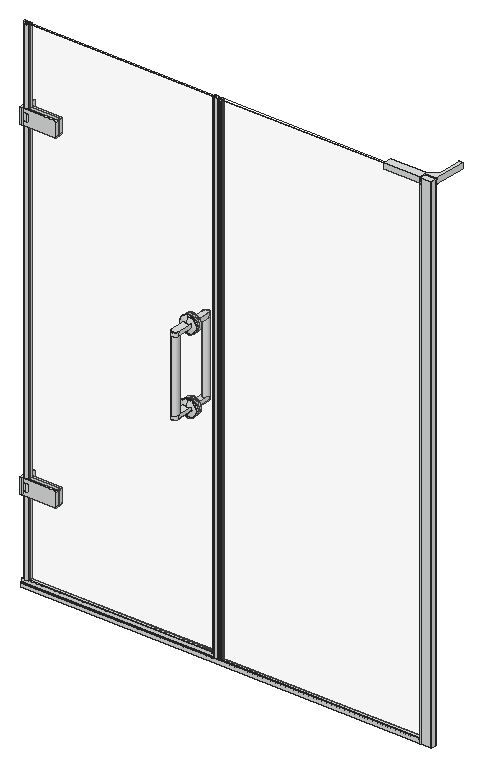
Revit family "Shower-Shower_Door-KOHLER-Components-K-27617_1", category Specialty Equipment, host Face, Revit 2017
Family settings
  Host = Face
  Round Connector Dimension = Use Diameter
  Part Type = Normal
  OmniClass Number = 23.31.17.17
  OmniClass Title = Shower Enclosures
  Cut with Voids When Loaded = No
  Shared = No
  Room Calculation Point = No
Parameters (values of type "SHP-Bright Polished Silver")
  Width [instance] = 58"
  WaterSense Certified = 1 = 0  # no
  URL = "https://www.us.kohler.com/us/"
  Type = 1
  Product Page URL = "http://www.us.kohler.com/us/catalog/productDetails.jsp?productId=27617-10L"
  Product Name = "Components"  # constant formula
  Product Documentation Link = "https://www.us.kohler.com/webassets/kpna/catalog/pdf/en/K-27617-10L_spec_US-CA_Kohler_en.pdf"
  Model = if(Type = 1, "K-27617-10L-SHP", if(Type = 2, "K-27617-10L-BL", if(Type = 3, "K-27617-10L-BNK", "NA")))  # "K-27617-10L-SHP"
  Material = "Anodized Aluminum"  # constant formula
  Master Format 2014 Name = "Shower Doors"  # constant formula
  Master Format 2014 = "10 28 19.16"  # constant formula
  Manufacturer Address = "444 Highland Dr, Kohler, WI 53044"  # constant formula
  Manufacturer = "KOHLER Co."  # constant formula
  Length = 5 7/16"  # constant formula
  Height = 71 3/4"  # constant formula
  Finish = Kohler-Metal-SHP-Bright_Polished_Silver
  Environmental Product Declaration = ""
  Description = "Frameless pivot shower door, 71-3/4 inch H x 57-1/4 - 58 inch W, with 3/8 inch thick Crystal Clear glass"  # constant formula
  Default Elevation = 0"
  Declare Label = ""
  Date Modified = "02/04/2021"  # constant formula
  Date Created = "02/04/2021"  # constant formula
  Copyright = "Copyright KOHLER Co."  # constant formula
  Contact Us = "https://www.us.kohler.com/us/static/contact.jsp"
  Assembly Code = "C1030200"
  ADA Compliant = 1 = 0  # no
Reference planes (in)
  plane 1 "Center (Front/Back)": y = 0
  plane 2: z = 0
  plane 3 "Center (Left/Right)": x = 0
  plane 4: x = -11.29398
  plane 5: x = -7.75492
  plane 6: x = 23.05758
  plane 7: x = -34.94242
  plane 8: y = 0.41651
  plane 9: x = -34.66682
  plane 10: x = -34.50029
  plane 11: x = -33.95854
  plane 12: x = -33.99679
  plane 13: x = -29.87977
  plane 14: z = 71.75
  plane 15: y = 2.25623
  plane 16: z = 41.5625
  plane 17: z = 36.28596
  plane 18: z = 31.06059
  plane 19: y = -2.71523
  plane 20: z = 0.6875
  plane 21: y = -0.35321
  plane 22: y = -0.39671
  plane 23: y = 5.04079
  plane 24: y = 3.20736
  plane 25: y = -3.20736
Dimensions and locks (in)
  locked: plane 3 "Center (Left/Right)" to plane 6 at 23.05758
  "Width": plane 7 to plane 6
  locked: plane 7 to plane 13 at 5.06265
  locked: plane 7 to plane 10 at 0.44213
  locked: plane 7 to plane 9 at 0.2756
  locked: plane 7 to plane 12 at 0.94563
  locked: plane 11 to plane 13 at 4.07877
  "Height": plane 14 to level
  "Length": plane 22 to plane 23
  plane 6 to plane 5 = 30 13/16"
  aligned and locked: plane 2 to host face
  aligned and locked: level to host face
  aligned and locked: plane 3 "Center (Left/Right)" to nested 1
  aligned and locked: plane 1 "Center (Front/Back)" to nested 1
  aligned and locked: plane 4 to nested 1
  aligned and locked: plane 5 to nested 1
  aligned and locked: plane 6 to nested 1
  aligned and locked: plane 7 to nested 1
Automatic sketch dimensions
  host sketch curve to host sketch curve = 96"  (x2)
Nested families (in)
  nested 1: "K-27617" at (0, 0, 0), type "K-27617"
Definition of nested family "K-27617"
  Parameters (values of type "K-27617")
    Material = none
    A = 58"
  Reference planes (in)
    plane 1 "Center (Front/Back)": y = 0
    plane 2: z = 0
    plane 3 "Center (Left/Right)": x = 0
    plane 4: y = 5.09727
    plane 5: x = -34.94242
    plane 6: x = 23.05758
    plane 7: z = 71.75
    plane 8: z = 0.6875
    plane 9: y = -0.35321
    plane 10: y = 0.41651
    plane 11: z = 42.0625
    plane 12: y = 2.25623
    plane 13: y = -0.39671
    plane 14: x = -34.66682
    plane 15: x = -29.87977
    plane 16: x = -33.95854
    plane 17: x = -33.99679
    plane 18: x = -29.87977
    plane 19: x = -33.95854
    plane 20: x = -33.99679
    plane 21: x = -34.50029
    plane 22: x = -34.45029
    plane 23 "X": x = -11.29398
    plane 24: z = 41.5625
    plane 25: z = 36.28596
    plane 26: y = -2.71523
    plane 27: x = -7.75492
    plane 28: z = 31.06059
    plane 29: y = 3.20736
    plane 30: y = -3.20736
    plane 31: y = 5.04079
  Forms (in)
    Extrusion 1, solid
      sketch origin (0, 0, 0) x (1, 0, 0) y (0, 1, 0)
        loop
          line (-34.45029, 0.19282) -> (-34.45029, -0.18603) -> (-7.81492, -0.18603) -> (-7.75492, -0.12603) -> (-7.75492, 0.13447) -> (-7.81327, 0.19282) -> (-34.45029, 0.19282)
        loop
          line (-6.86615, 0.23734) -> (-6.92815, 0.17534) -> (-6.92815, -0.07666) -> (-6.86615, -0.13866) -> (21.48278, -0.13866) -> (21.48278, 0.23734) -> (-6.86615, 0.23734)
      from 0.60236 to 71.49717
    Extrusion 2, solid, material <- "Material", detail levels medium+fine
      sketch origin (0, 0, 0) x (1, 0, 0) y (0, 1, 0)
        loop
          line (-34.50029, 0.21646) -> (-34.50029, -0.25118)
          arc (-34.50029, -0.25118) -> (-34.49352, -0.26753) -> (-34.47718, -0.2743) r 0.02311
          line (-34.47718, -0.2743) -> (-33.95854, -0.2743) -> (-33.95854, -0.18603) -> (-33.99679, -0.18603) -> (-33.99679, -0.22748) -> (-34.41904, -0.22748)
          arc (-34.41904, -0.22748) -> (-34.44113, -0.21833) -> (-34.45029, -0.19623) r 0.03125
          line (-34.45029, -0.19623) -> (-34.45029, 0.19623)
          arc (-34.45029, 0.19623) -> (-34.44113, 0.21833) -> (-34.41904, 0.22748) r 0.03125
          line (-34.41904, 0.22748) -> (-33.99679, 0.22748) -> (-33.99679, 0.19282) -> (-33.95854, 0.19282) -> (-33.95854, 0.26447) -> (-34.94242, 0.26447) -> (-34.94242, 0.21646) -> (-34.50029, 0.21646)
      from 1.0794 to 71.49717
    Extrusion 3, solid, material <- "Material", detail levels medium+fine
      sketch origin (0, 0, 0) x (0, 1, 0) y (0, 0, 1)
        loop
          line (-0.5031, 60.86004) -> (-0.5031, 58.69468) -> (1.61028, 58.69468)
          arc (1.61028, 58.69468) -> (1.74839, 58.75189) -> (1.80559, 58.89) r 0.19531
          line (1.80559, 58.89) -> (1.80559, 60.66519)
          arc (1.80559, 60.66519) -> (1.74852, 60.80297) -> (1.61074, 60.86004) r 0.19485
          line (1.61074, 60.86004) -> (-0.5031, 60.86004)
      from -34.94242 to -34.66682
    Extrusion 4, solid, material <- "Material", detail levels medium+fine
      sketch origin (0, 0, 0) x (1, 0, 0) y (0, 0, 1)
        loop
          line (-30.07508, 60.84843) -> (-34.66682, 60.84843) -> (-34.66682, 60.26807) -> (-33.7235, 60.26807)
          arc (-33.7235, 60.26807) -> (-33.70848, 60.26185) -> (-33.70226, 60.24683) r 0.02124
          line (-33.70226, 60.24683) -> (-33.70226, 59.28625)
          arc (-33.70226, 59.28625) -> (-33.70874, 59.27061) -> (-33.72438, 59.26413) r 0.02212
          line (-33.72438, 59.26413) -> (-34.66682, 59.26413) -> (-34.66682, 58.68342) -> (-30.07508, 58.68342)
          arc (-30.07508, 58.68342) -> (-29.93697, 58.74063) -> (-29.87977, 58.87874) r 0.19531
          line (-29.87977, 58.87874) -> (-29.87977, 60.65312)
          arc (-29.87977, 60.65312) -> (-29.93697, 60.79122) -> (-30.07508, 60.84843) r 0.19531
      from -0.56334 to 0.46162
    Extrusion 5, solid, material <- "Material", detail levels medium+fine
      sketch origin (0, 0, 0) x (1, 0, 0) y (0, 1, 0)
        loop
          line (-34.66682, 0.32578) -> (-34.66682, -0.46162) -> (-34.09667, -0.46162)
          arc (-34.09667, -0.46162) -> (-33.70297, -0.06792) -> (-34.09667, 0.32578) r 0.3937
          line (-34.09667, 0.32578) -> (-34.66682, 0.32578)
      from 59.26413 to 60.26807
    Extrusion 6, solid, material <- "Material", detail levels medium+fine
      sketch origin (0, 0, -46.8179) x (0, 1, 0) y (0, 0, 1)
        loop
          line (-0.5031, 60.82475) -> (-0.5031, 58.65974) -> (1.61028, 58.65974)
          arc (1.61028, 58.65974) -> (1.74839, 58.71695) -> (1.80559, 58.85505) r 0.19531
          line (1.80559, 58.85505) -> (1.80559, 60.6299)
          arc (1.80559, 60.6299) -> (1.74852, 60.76768) -> (1.61074, 60.82475) r 0.19485
          line (1.61074, 60.82475) -> (-0.5031, 60.82475)
      from -34.94242 to -34.66682
    Extrusion 7, solid, material <- "Material", detail levels medium+fine
      sketch origin (0, 0, 0) x (0, 1, 0) y (0, 0, 1)
        loop
          line (0.29381, 0.58211) -> (-0.29441, 0.58211)
          arc (-0.29441, 0.58211) -> (-0.30829, 0.57637) -> (-0.31403, 0.56249) r 0.01963
          line (-0.31403, 0.56249) -> (-0.31403, 0) -> (-0.26679, 0) -> (-0.26679, 0.05855)
          arc (-0.26679, 0.05855) -> (-0.26088, 0.07283) -> (-0.2466, 0.07874) r 0.02019
          line (-0.2466, 0.07874) -> (0.24763, 0.07874)
          arc (0.24763, 0.07874) -> (0.26249, 0.07258) -> (0.26864, 0.05772) r 0.02102
          line (0.26864, 0.05772) -> (0.26864, 0) -> (0.31589, 0) -> (0.31589, 0.56004)
          arc (0.31589, 0.56004) -> (0.30942, 0.57565) -> (0.29381, 0.58211) r 0.02207
      from -34.94242 to 22.07333
    Extrusion 8, solid, material <- "Material", detail levels medium+fine
      sketch origin (0, 0, 0) x (0, 1, 0) y (0, 0, 1)
        loop
          line (0.25467, 1.03599) -> (0.2466, 1.15485)
          arc (0.2466, 1.15485) -> (0.23963, 1.16951) -> (0.22452, 1.17547) r 0.02212
          line (0.22452, 1.17547) -> (-0.20277, 1.17547)
          arc (-0.20277, 1.17547) -> (-0.21774, 1.16957) -> (-0.22465, 1.15502) r 0.02194
          line (-0.22465, 1.15502) -> (-0.25676, 0.68239) -> (-0.29012, 0.6859)
          arc (-0.29012, 0.6859) -> (-0.30687, 0.68046) -> (-0.31403, 0.66437) r 0.02165
          line (-0.31403, 0.66437) -> (-0.31403, 0.60328)
          arc (-0.31403, 0.60328) -> (-0.30783, 0.58831) -> (-0.29287, 0.58211) r 0.02117
          line (-0.29287, 0.58211) -> (0.23734, 0.58211) -> (0.23734, 0.99755) -> (0.68158, 0.84646)
          arc (0.68158, 0.84646) -> (0.70152, 0.85614) -> (0.69206, 0.87618) r 0.01576
          line (0.69206, 0.87618) -> (0.25467, 1.03599)
      from -34.94242 to -7.75492
    Extrusion 9, solid, material <- "Material", detail levels medium+fine
      sketch origin (0, 0, 0) x (1, 0, 0) y (0, 1, 0)
        loop
          line (21.50621, -0.39671) -> (23.03414, -0.39671)
          arc (23.03414, -0.39671) -> (23.05071, -0.38985) -> (23.05758, -0.37327) r 0.02344
          line (23.05758, -0.37327) -> (23.05758, 0.39307)
          arc (23.05758, 0.39307) -> (23.05071, 0.40964) -> (23.03414, 0.41651) r 0.02344
          line (23.03414, 0.41651) -> (21.50721, 0.41651)
          arc (21.50721, 0.41651) -> (21.48993, 0.40935) -> (21.48278, 0.39207) r 0.02444
          line (21.48278, 0.39207) -> (21.48278, -0.13866) -> (21.3525, -0.13866) -> (21.43171, -0.23873)
          arc (21.43171, -0.23873) -> (21.4555, -0.25299) -> (21.48278, -0.24799) r 0.03927
          line (21.48278, -0.24799) -> (21.48278, -0.37327)
          arc (21.48278, -0.37327) -> (21.48964, -0.38985) -> (21.50621, -0.39671) r 0.02344
      from 0 to 70.9789
    Extrusion 10, solid, material <- "Material", detail levels medium+fine
      sketch origin (0, 0, 0) x (1, 0, 0) y (0, 1, 0)
        loop
          line (23.03414, 0.41651) -> (21.50721, 0.41651)
          arc (21.50721, 0.41651) -> (21.48993, 0.40935) -> (21.48278, 0.39207) r 0.02444
          line (21.48278, 0.39207) -> (21.48278, -0.37327)
          arc (21.48278, -0.37327) -> (21.48964, -0.38985) -> (21.50621, -0.39671) r 0.02344
          line (21.50621, -0.39671) -> (23.03414, -0.39671)
          arc (23.03414, -0.39671) -> (23.05071, -0.38985) -> (23.05758, -0.37327) r 0.02344
          line (23.05758, -0.37327) -> (23.05758, 0.39307)
          arc (23.05758, 0.39307) -> (23.05071, 0.40964) -> (23.03414, 0.41651) r 0.02344
      from 70.9789 to 71.73874
    Extrusion 11, solid, material <- "Material", detail levels medium+fine
      sketch origin (0, 0, 0) x (1, 0, 0) y (0, 1, 0)
        loop
          arc (16.34498, -0.33053) -> (16.35162, -0.34657) -> (16.36766, -0.35321) r 0.02268
          line (16.36766, -0.35321) -> (21.45277, -0.35321)
          arc (21.45277, -0.35321) -> (21.46952, -0.34627) -> (21.47646, -0.32951) r 0.02369
          line (21.47646, -0.32951) -> (21.47646, 0.51293) -> (22.97915, 0.51293)
          arc (22.97915, 0.51293) -> (23.03461, 0.53591) -> (23.05758, 0.59137) r 0.07843
          line (23.05758, 0.59137) -> (23.05758, 5.09727) -> (22.60279, 5.09727)
          arc (22.60279, 5.09727) -> (22.58753, 5.09094) -> (22.5812, 5.07567) r 0.02159
          line (22.5812, 5.07567) -> (22.5812, 2.35152)
          arc (22.5812, 2.35152) -> (22.14186, 1.29086) -> (21.0812, 0.85152) r 1.5
          line (21.0812, 0.85152) -> (16.36712, 0.85152)
          arc (16.36712, 0.85152) -> (16.35147, 0.84503) -> (16.34498, 0.82938) r 0.02214
          line (16.34498, 0.82938) -> (16.34498, -0.33053)
      from 70.9789 to 71.73874
    Extrusion 12, void
      sketch origin (0, 0, 0) x (0, 1, 0) y (0, 0, 1)
        loop
          line (-0.13866, 71.48447) -> (-0.13866, 70.97639) -> (0.23734, 70.97639) -> (0.23734, 71.48447) -> (0.21339, 71.50843) -> (-0.1147, 71.50843) -> (-0.13866, 71.48447)
      from 11.05187 to 21.3525
    Extrusion 13, solid, material <- "Material", detail levels medium+fine
      sketch origin (0, 0, 0) x (1, 0, 0) y (0, 1, 0)
        loop
          line (-7.23305, -0.11955) -> (-7.5665, 0.2139)
          arc (-7.5665, 0.2139) -> (-7.63841, 0.25903) -> (-7.7228, 0.26837) r 0.19025
          line (-7.7228, 0.26837) -> (-7.93663, 0.24374)
          arc (-7.93663, 0.24374) -> (-7.97124, 0.2278) -> (-7.98969, 0.19447) r 0.06114
          line (-7.98969, 0.19447) -> (-7.90749, 0.19447)
          arc (-7.90749, 0.19447) -> (-7.88878, 0.20652) -> (-7.86725, 0.21217) r 0.07088
          arc (-7.86725, 0.21217) -> (-7.82402, 0.21598) -> (-7.78072, 0.21882) r 1.93907
          arc (-7.78072, 0.21882) -> (-7.76257, 0.21215) -> (-7.75492, 0.19438) r 0.02447
          line (-7.75492, 0.19438) -> (-7.75492, -0.17201)
          arc (-7.75492, -0.17201) -> (-7.76182, -0.18866) -> (-7.77848, -0.19555) r 0.02354
          arc (-7.77848, -0.19555) -> (-7.84564, -0.19314) -> (-7.91247, -0.18603) r 0.95941
          line (-7.91247, -0.18603) -> (-7.98924, -0.18603)
          arc (-7.98924, -0.18603) -> (-7.97129, -0.2097) -> (-7.94384, -0.22105) r 0.0567
          arc (-7.94384, -0.22105) -> (-7.81449, -0.23575) -> (-7.68479, -0.24691) r 4.75588
          arc (-7.68479, -0.24691) -> (-7.47448, -0.24877) -> (-7.26562, -0.22404) r 1.66165
          arc (-7.26562, -0.22404) -> (-7.21775, -0.18164) -> (-7.23305, -0.11955) r 0.06181
        loop
          line (-7.44664, 0.1381) -> (-7.10629, -0.20226)
          arc (-7.10629, -0.20226) -> (-7.05509, -0.23545) -> (-6.99481, -0.24486) r 0.14621
          arc (-6.99481, -0.24486) -> (-6.86956, -0.23596) -> (-6.74466, -0.22319) r 4.04578
          arc (-6.74466, -0.22319) -> (-6.6992, -0.1931) -> (-6.69639, -0.13866) r 0.06051
          line (-6.69639, -0.13866) -> (-6.77528, -0.13866) -> (-6.77528, -0.1737)
          arc (-6.77528, -0.1737) -> (-6.84035, -0.18268) -> (-6.90604, -0.18238) r 0.46473
          arc (-6.90604, -0.18238) -> (-6.92177, -0.1748) -> (-6.92815, -0.15855) r 0.0239
          line (-6.92815, -0.15855) -> (-6.92815, 0.19465)
          arc (-6.92815, 0.19465) -> (-6.91565, 0.22484) -> (-6.88546, 0.23734) r 0.04269
          line (-6.88546, 0.23734) -> (-6.70216, 0.23734)
          arc (-6.70216, 0.23734) -> (-6.81528, 0.25438) -> (-6.92947, 0.26124) r 1.27776
          arc (-6.92947, 0.26124) -> (-7.16958, 0.2583) -> (-7.40916, 0.24223) r 4.38502
          arc (-7.40916, 0.24223) -> (-7.46094, 0.20205) -> (-7.44664, 0.1381) r 0.06116
      from 0.55906 to 71.49717
    Extrusion 14, void
      sketch origin (0, 0, 0) x (1, 0, 0) y (0, 0, 1)
        loop
          line (-34.45029, 1.17548) -> (-34.45029, 0.32822) -> (-7.75492, 0.32822) -> (-7.75492, 1.17548) -> (-34.45029, 1.17548)
      from -2.40664 to 15.24149
    Extrusion 15, solid, material <- "Material", detail levels coarse
      sketch origin (0, 0, 0) x (1, 0, 0) y (0, 1, 0)
        loop
          line (-34.94242, 0.30738) -> (-34.94242, -0.31655) -> (-33.95854, -0.31655) -> (-33.95854, -0.18603) -> (-34.45029, -0.18603) -> (-34.45029, 0.19282) -> (-33.95854, 0.19282) -> (-33.95854, 0.30738) -> (-34.94242, 0.30738)
        loop
          line (-6.63176, 0.27406) -> (-7.98969, 0.27406) -> (-7.98969, 0.19447) -> (-7.81492, 0.19447) -> (-7.75492, 0.13447) -> (-7.75492, -0.12603) -> (-7.81492, -0.18603) -> (-7.98969, -0.18603) -> (-7.98969, -0.25676) -> (-6.63176, -0.25676) -> (-6.63176, -0.13866) -> (-6.86615, -0.13866) -> (-6.92815, -0.07666) -> (-6.92815, 0.17534) -> (-6.86615, 0.23734) -> (-6.63176, 0.23734) -> (-6.63176, 0.27406)
        loop
          line (23.05758, -0.39671) -> (23.05758, 0.46253) -> (21.48278, 0.46253) -> (21.48278, -0.39671) -> (23.05758, -0.39671)
      from 0 to 71.49717
    Extrusion 16, solid, material <- "Material", detail levels coarse
      sketch origin (0, 0, 0) x (1, 0, 0) y (0, 1, 0)
        loop
          line (22.5812, 5.09727) -> (22.5812, 0.85152) -> (16.34498, 0.85152) -> (16.34498, -0.35321) -> (21.48278, -0.35321) -> (21.48278, -0.39671) -> (23.05758, -0.39671) -> (23.05758, 5.09727) -> (22.5812, 5.09727)
      from 70.9789 to 71.73874
    Extrusion 17, solid, material <- "Material", detail levels medium+fine
      sketch origin (0, 0, -46.82134) x (1, 0, 0) y (0, 0, 1)
        loop
          line (-30.07508, 60.82818) -> (-34.66682, 60.82818) -> (-34.66682, 60.24782) -> (-33.7235, 60.24782)
          arc (-33.7235, 60.24782) -> (-33.70848, 60.2416) -> (-33.70226, 60.22658) r 0.02124
          line (-33.70226, 60.22658) -> (-33.70226, 59.26601)
          arc (-33.70226, 59.26601) -> (-33.70874, 59.25036) -> (-33.72438, 59.24388) r 0.02212
          line (-33.72438, 59.24388) -> (-34.66682, 59.24388) -> (-34.66682, 58.66318) -> (-30.07508, 58.66318)
          arc (-30.07508, 58.66318) -> (-29.93697, 58.72038) -> (-29.87977, 58.85849) r 0.19531
          line (-29.87977, 58.85849) -> (-29.87977, 60.63287)
          arc (-29.87977, 60.63287) -> (-29.93697, 60.77098) -> (-30.07508, 60.82818) r 0.19531
      from -0.56334 to 0.46162
    Extrusion 18, void
      sketch origin (0, 0, 0) x (1, 0, 0) y (0, 0, 1)
        loop
          line (-34.94242, 58.69468) -> (-33.23726, 58.69468) -> (-33.23726, 60.85969) -> (-34.94242, 60.85969) -> (-34.94242, 58.69468)
        loop
          line (-34.94242, 11.84184) -> (-33.23726, 11.84184) -> (-33.23726, 14.00685) -> (-34.94242, 14.00685) -> (-34.94242, 11.84184)
      from 1 to -2
    Extrusion 19, solid, material <- "Material", detail levels medium+fine
      sketch origin (0, 0, 0) x (1, 0, 0) y (0, 1, 0)
        loop
          line (-34.66682, 0.32578) -> (-34.66682, -0.46162) -> (-34.14764, -0.46162)
          arc (-34.14764, -0.46162) -> (-33.75394, -0.06792) -> (-34.14764, 0.32578) r 0.3937
          line (-34.14764, 0.32578) -> (-34.66682, 0.32578)
      from 12.4428 to 13.44673
    Extrusion 20, void
      sketch origin (0, 0, 0) x (1, 0, 0) y (0, 1, 0)
        loop
          line (-34.45029, 0.19282) -> (-34.45029, -0.18603) -> (-29.78968, -0.18603) -> (-29.78968, 0.19282) -> (-34.45029, 0.19282)
      from 5.2978 to 78.02694
    Extrusion 21, solid, material <- "Material", detail levels coarse
      sketch origin (0, 0, 0) x (1, 0, 0) y (0, 0, 1)
        loop
          line (-34.94242, 60.86004) -> (-34.94242, 58.69468) -> (-29.87977, 58.69468) -> (-29.87977, 60.86004) -> (-34.94242, 60.86004)
        loop
          line (-34.94242, 14.00685) -> (-34.94242, 11.84184) -> (-29.87977, 11.84184) -> (-29.87977, 14.00685) -> (-34.94242, 14.00685)
      from -1.28247 to 0.46162
    Extrusion 22, solid, material <- "Material", detail levels coarse
      sketch origin (0, 0, 0) x (1, 0, 0) y (0, 0, 1)
        loop
          line (-34.94242, 0.98215) -> (-34.94242, 0) -> (23.05758, 0) -> (23.05758, 0.98215) -> (-34.94242, 0.98215)
      from -0.46253 to 0.39671
    Revolve 23, solid, material <- "Material", detail levels medium+fine
      sketch origin (-11.29398, 0.16717, 0) x (0, 1, 0) y (0, 0, 1)
        loop
          line (-0.35321, 42.74507) -> (-0.54169, 42.74507)
          arc (-0.54169, 42.74507) -> (-0.55871, 42.73917) -> (-0.56842, 42.724) r 0.02749
          line (-0.56842, 42.724) -> (-0.78695, 41.81331)
          arc (-0.78695, 41.81331) -> (-0.80069, 41.73632) -> (-0.80529, 41.65825) r 0.66453
          line (-0.80529, 41.65825) -> (-0.80529, 41.5625) -> (-0.35321, 41.5625) -> (-0.35321, 42.74507)
        axis (-0.35321, 41.5625) -> (-0.80529, 41.5625)
      angle from 0 to 360
    Revolve 24, solid, material <- "Material", detail levels medium+fine
      sketch origin (-11.29398, 0.16717, 72.57191) x (0, 1, 0) y (0, 0, -1)
        loop
          line (-0.35321, 42.74507) -> (-0.54169, 42.74507)
          arc (-0.54169, 42.74507) -> (-0.55871, 42.73917) -> (-0.56842, 42.724) r 0.02749
          line (-0.56842, 42.724) -> (-0.78695, 41.81331)
          arc (-0.78695, 41.81331) -> (-0.80069, 41.73632) -> (-0.80529, 41.65825) r 0.66453
          line (-0.80529, 41.65825) -> (-0.80529, 41.5625) -> (-0.35321, 41.5625) -> (-0.35321, 42.74507)
        axis (-0.35321, 41.5625) -> (-0.80529, 41.5625)
      angle from 0 to 360
    Revolve 25, solid, material <- "Material", detail levels medium+fine
      sketch origin (-11.29398, -0.15936, 72.57191) x (0, -1, 0) y (0, 0, -1)
        loop
          line (-0.35321, 42.74507) -> (-0.54169, 42.74507)
          arc (-0.54169, 42.74507) -> (-0.55871, 42.73917) -> (-0.56842, 42.724) r 0.02749
          line (-0.56842, 42.724) -> (-0.78695, 41.81331)
          arc (-0.78695, 41.81331) -> (-0.80069, 41.73632) -> (-0.80529, 41.65825) r 0.66453
          line (-0.80529, 41.65825) -> (-0.80529, 41.5625) -> (-0.35321, 41.5625) -> (-0.35321, 42.74507)
        axis (-0.35321, 41.5625) -> (-0.80529, 41.5625)
      angle from 0 to 360
    Revolve 26, solid, material <- "Material", detail levels medium+fine
      sketch origin (-11.29398, -0.15936, 0) x (0, -1, 0) y (0, 0, 1)
        loop
          line (-0.35321, 42.74507) -> (-0.54169, 42.74507)
          arc (-0.54169, 42.74507) -> (-0.55871, 42.73917) -> (-0.56842, 42.724) r 0.02749
          line (-0.56842, 42.724) -> (-0.78695, 41.81331)
          arc (-0.78695, 41.81331) -> (-0.80069, 41.73632) -> (-0.80529, 41.65825) r 0.66453
          line (-0.80529, 41.65825) -> (-0.80529, 41.5625) -> (-0.35321, 41.5625) -> (-0.35321, 42.74507)
        axis (-0.35321, 41.5625) -> (-0.80529, 41.5625)
      angle from 0 to 360
    Sweep 27, solid, material <- "Material", detail levels medium+fine
      path origin (0, 0, 0) x (1, 0, 0) y (0, 1, 0)
        loop
          line (-11.78611, -0.3456) -> (-11.78611, -2.71523)
          arc (-11.78611, -2.71523) -> (-11.29398, -3.20736) -> (-10.80186, -2.71523) r 0.49213
          line (-10.80186, -2.71523) -> (-10.80186, -0.3456) -> (-11.78611, -0.3456)
      profile origin (-11.29398, -3.20736, 0) x (0, 1, 0) y (0, 0, 1)
        loop
          line (0, 41.82591) -> (0, 41.29909) -> (0.05573, 41.29909) -> (0.05573, 41.85027) -> (0.02436, 41.85027)
          arc (0.02436, 41.85027) -> (0.00714, 41.84314) -> (0, 41.82591) r 0.02436
    Sweep 28, solid, material <- "Material", detail levels medium+fine
      path origin (0, 0, 72.57191) x (0, -1, 0) y (1, 0, 0)
        loop
          line (0.3456, -11.78611) -> (2.71523, -11.78611)
          arc (2.71523, -11.78611) -> (3.20736, -11.29398) -> (2.71523, -10.80186) r 0.49213
          line (2.71523, -10.80186) -> (0.3456, -10.80186) -> (0.3456, -11.78611)
      profile origin (-11.29398, -3.20736, 72.57191) x (0, 1, 0) y (0, 0, 1)
        loop
          arc (0, -41.77473) -> (0.00714, -41.79196) -> (0.02436, -41.79909) r 0.02436
          line (0.02436, -41.79909) -> (0.05573, -41.79909) -> (0.05573, -41.24791) -> (0, -41.24791) -> (0, -41.77473)
    Sweep 29, solid, material <- "Material", detail levels medium+fine
      path origin (0, 0, 0) x (1, 0, 0) y (0, -1, 0)
        loop
          line (-11.78611, -0.3456) -> (-11.78611, -2.71523)
          arc (-11.78611, -2.71523) -> (-11.29398, -3.20736) -> (-10.80186, -2.71523) r 0.49213
          line (-10.80186, -2.71523) -> (-10.80186, -0.3456) -> (-11.78611, -0.3456)
      profile origin (-11.29398, 3.20736, 0) x (0, 1, 0) y (0, 0, 1)
        loop
          arc (0, 41.82591) -> (-0.00714, 41.84314) -> (-0.02436, 41.85027) r 0.02436
          line (-0.02436, 41.85027) -> (-0.05573, 41.85027) -> (-0.05573, 41.29909) -> (0, 41.29909) -> (0, 41.82591)
    Sweep 30, solid, material <- "Material", detail levels medium+fine
      path origin (0, 0, 72.57191) x (0, -1, 0) y (1, 0, 0)
        loop
          line (-0.3456, -11.78611) -> (-0.3456, -10.80186) -> (-2.71523, -10.80186)
          arc (-2.71523, -10.80186) -> (-3.20736, -11.29398) -> (-2.71523, -11.78611) r 0.49213
          line (-2.71523, -11.78611) -> (-0.3456, -11.78611)
      profile origin (-11.29398, 3.20736, 72.57191) x (0, 1, 0) y (0, 0, 1)
        loop
          line (0, -41.76255) -> (0, -41.23573) -> (-0.05573, -41.23573) -> (-0.05573, -41.78691) -> (-0.02436, -41.78691)
          arc (-0.02436, -41.78691) -> (-0.00714, -41.77977) -> (0, -41.76255) r 0.02436
    Extrusion 31, solid, material <- "Material", detail levels medium+fine
      sketch origin (0, 0, 0) x (1, 0, 0) y (0, 1, 0)
        loop
          arc (-11.73038, -2.71523) -> (-11.29398, -3.15163) -> (-10.85759, -2.71523) r 0.4364
          line (-10.85759, -2.71523) -> (-10.85759, -0.40132) -> (-11.73038, -0.40132) -> (-11.73038, -2.71523)
      from 41.29909 to 41.85027
    Extrusion 32, solid, material <- "Material", detail levels medium+fine
      sketch origin (0, 0, 0) x (1, 0, 0) y (0, 1, 0)
        loop
          line (-11.73038, 2.71523) -> (-11.73038, 0.40132) -> (-10.85759, 0.40132) -> (-10.85759, 2.71523)
          arc (-10.85759, 2.71523) -> (-11.29398, 3.15163) -> (-11.73038, 2.71523) r 0.4364
      from 41.29909 to 41.85027
    Extrusion 33, solid, material <- "Material", detail levels medium+fine
      sketch origin (0, 0, 0) x (1, 0, 0) y (0, 1, 0)
        loop
          arc (-11.73038, -2.71523) -> (-11.29398, -3.15163) -> (-10.85759, -2.71523) r 0.4364
          line (-10.85759, -2.71523) -> (-10.85759, -0.40132) -> (-11.73038, -0.40132) -> (-11.73038, -2.71523)
      from 31.324 to 30.77282
    Extrusion 34, solid, material <- "Material", detail levels medium+fine
      sketch origin (0, 0, 0) x (1, 0, 0) y (0, 1, 0)
        loop
          line (-11.73038, 2.71523) -> (-11.73038, 0.40132) -> (-10.85759, 0.40132) -> (-10.85759, 2.71523)
          arc (-10.85759, 2.71523) -> (-11.29398, 3.15163) -> (-11.73038, 2.71523) r 0.4364
      from 31.33618 to 30.785
    Revolve 35, solid, material <- "Material", detail levels medium+fine
      sketch origin (-11.29398, 0, 0) x (0, 1, 0) y (0, 0, 1)
        loop
          line (-3.20736, 31.324) -> (-2.71523, 31.324) -> (-2.71523, 41.29909) -> (-3.20736, 41.29909) -> (-3.20736, 31.324)
        axis (-2.71523, 41.29909) -> (-2.71523, 31.324)
      angle from 0 to 360
    Revolve 36, solid, material <- "Material", detail levels medium+fine
      sketch origin (-11.29398, 0, 0) x (0, -1, 0) y (0, 0, 1)
        loop
          line (-3.20736, 31.33618) -> (-2.71523, 31.33618) -> (-2.71523, 41.29909) -> (-3.20736, 41.29909) -> (-3.20736, 31.33618)
        axis (-2.71523, 41.29909) -> (-2.71523, 31.33618)
      angle from 0 to 360
    Sweep 37, solid, material <- "Material", detail levels coarse
      path origin (-11.29398, 0, 0) x (0, 1, 0) y (0, 0, 1)
        loop
          line (-0.31655, 41.85052) -> (-1.67273, 41.85052)
          arc (-1.67273, 41.85052) -> (-2.75788, 41.40103) -> (-3.20736, 40.31588) r 1.53463
          line (-3.20736, 40.31588) -> (-3.20736, 32.29457)
          arc (-3.20736, 32.29457) -> (-2.75772, 31.20905) -> (-1.6722, 30.75941) r 1.53516
          line (-1.6722, 30.75941) -> (-0.31655, 30.75941)
      profile origin (-11.29398, -3.20736, 36.30523) x (1, 0, 0) y (0, 1, 0)
        loop
          circle (0, 0.49213) r 0.49213
    Sweep 38, solid, material <- "Material", detail levels coarse
      path origin (-11.29398, 0, 0) x (0, -1, 0) y (0, 0, 1)
        loop
          line (-0.31655, 41.85052) -> (-1.67273, 41.85052)
          arc (-1.67273, 41.85052) -> (-2.75788, 41.40103) -> (-3.20736, 40.31588) r 1.53463
          line (-3.20736, 40.31588) -> (-3.20736, 32.29457)
          arc (-3.20736, 32.29457) -> (-2.75772, 31.20905) -> (-1.6722, 30.75941) r 1.53516
          line (-1.6722, 30.75941) -> (-0.31655, 30.75941)
      profile origin (-11.29398, 3.20736, 36.30523) x (1, 0, 0) y (0, 1, 0)
        loop
          circle (0, -0.49213) r 0.49213
    Extrusion 39, solid, material <- "Material", detail levels coarse
      sketch origin (0, 0, 0) x (1, 0, 0) y (0, 0, 1)
        loop
          circle (-11.29398, 41.5625) r 1.18257
        loop
          circle (-11.29398, 31.06059) r 1.23375
      from 0.18603 to 0.6702
    Extrusion 40, solid, material <- "Material", detail levels coarse
      sketch origin (0, 0, 0) x (1, 0, 0) y (0, 0, -1)
        loop
          circle (-11.29398, -41.5625) r 1.18257
        loop
          circle (-11.29398, -31.06059) r 1.23375
      from 0.18603 to 0.6702
  Cuts and joins
    Extrusion 14 cuts Extrusion 1
    Extrusion 20 cuts Extrusion 4
    joined: Extrusion 3, Extrusion 4, Extrusion 6, Extrusion 8
    Extrusion 18 cuts Extrusion 2
    Extrusion 12 cuts Extrusion 11
    joined: Extrusion 2, Extrusion 5, Extrusion 7, Extrusion 9, Extrusion 10, Extrusion 11, Extrusion 13
    Extrusion 12 cuts Extrusion 16
    Extrusion 20 cuts Extrusion 21
    joined: Extrusion 15, Extrusion 16, Extrusion 21, Extrusion 22
    Extrusion 20 cuts Extrusion 17
    Extrusion 20 cuts Extrusion 19
    joined: Sweep 27, Extrusion 31
    joined: Sweep 29, Extrusion 32
    joined: Sweep 28, Extrusion 33
    joined: Sweep 30, Extrusion 34
  Lines and regions (in)
    Masking region 1
      outline origin (0, 0, 0) x (1, 0, 0) y (0, 1, 0)
        loop
          line (-34.94242, 1.80559) -> (-34.94242, -0.5031) -> (-34.66682, -0.5031) -> (-34.66682, -0.46162) -> (-29.87977, -0.46162) -> (-29.87977, -0.31403) -> (-12.47674, -0.31403) -> (-12.47674, -0.37292)
          arc (-12.47674, -0.37292) -> (-12.4704, -0.3912) -> (-12.4541, -0.40163) r 0.02952
          line (-12.4541, -0.40163) -> (-11.7866, -0.56165) -> (-11.78611, -2.71523)
          arc (-11.78611, -2.71523) -> (-11.64197, -3.06322) -> (-11.29398, -3.20736) r 0.49213
          arc (-11.29398, -3.20736) -> (-10.946, -3.06322) -> (-10.80137, -2.71523) r 0.49213
          line (-10.80137, -2.71523) -> (-10.80137, -0.56165) -> (-10.13387, -0.40163)
          arc (-10.13387, -0.40163) -> (-10.11757, -0.3912) -> (-10.11123, -0.37292) r 0.02952
          line (-10.11123, -0.37292) -> (-10.11123, -0.31403) -> (16.34498, -0.31403)
          arc (16.34498, -0.31403) -> (16.35259, -0.34132) -> (16.37831, -0.35321) r 0.03377
          line (16.37831, -0.35321) -> (21.45277, -0.35321)
          arc (21.45277, -0.35321) -> (21.46912, -0.34983) -> (21.48278, -0.34023) r 0.04119
          line (21.48278, -0.34023) -> (21.48278, -0.37327)
          arc (21.48278, -0.37327) -> (21.48964, -0.38985) -> (21.50621, -0.39671) r 0.02344
          line (21.50621, -0.39671) -> (23.03414, -0.39671)
          arc (23.03414, -0.39671) -> (23.05071, -0.38985) -> (23.05758, -0.37327) r 0.02344
          line (23.05758, -0.37327) -> (23.05758, 0.39307)
          arc (23.05758, 0.39307) -> (23.05071, 0.40964) -> (23.03414, 0.41651) r 0.02344
          line (23.03414, 0.41651) -> (21.50721, 0.41651) -> (21.47646, 0.41651) -> (21.47646, 0.51293) -> (22.97915, 0.51293)
          arc (22.97915, 0.51293) -> (23.03461, 0.53591) -> (23.05758, 0.59137) r 0.07843
          line (23.05758, 0.59137) -> (23.05758, 5.04079) -> (22.60279, 5.04079)
          arc (22.60279, 5.04079) -> (22.58753, 5.03446) -> (22.5812, 5.0192) r 0.02159
          line (22.5812, 5.0192) -> (22.5812, 2.35152)
          arc (22.5812, 2.35152) -> (22.14186, 1.29086) -> (21.0812, 0.85152) r 1.5
          line (21.0812, 0.85152) -> (16.36712, 0.85152)
          arc (16.36712, 0.85152) -> (16.35147, 0.84503) -> (16.34498, 0.82938) r 0.02214
          line (16.34498, 0.82938) -> (16.34498, 0.31589) -> (-7.75492, 0.31589) -> (-7.75492, 0.70242) -> (-10.80137, 0.70242) -> (-10.80186, 2.70292)
          arc (-10.80186, 2.70292) -> (-10.946, 3.0509) -> (-11.29398, 3.19504) r 0.49213
          arc (-11.29398, 3.19504) -> (-11.64197, 3.0509) -> (-11.7866, 2.70292) r 0.49213
          line (-11.7866, 2.70292) -> (-11.7866, 0.70242) -> (-34.66682, 0.70242) -> (-34.66682, 1.80559) -> (-34.94242, 1.80559)
    Masking region 2
      outline origin (0, 0, 0) x (1, 0, 0) y (0, 0, 1)
        loop
          line (23.03388, 71.75) -> (16.34498, 71.75) -> (16.34498, 71.50843) -> (-34.94242, 71.50843) -> (-34.94242, 0) -> (23.05758, 0) -> (23.05758, 71.7263)
          arc (23.05758, 71.7263) -> (23.05064, 71.74306) -> (23.03388, 71.75) r 0.0237
    Masking region 3
      outline origin (0, 0, 0) x (0, 1, 0) y (0, 0, 1)
        loop
          line (5.04079, 71.75) -> (-0.39671, 71.75) -> (-0.39671, 60.86004) -> (-0.5031, 60.86004) -> (-0.5031, 58.69125) -> (-0.46162, 58.69468) -> (-0.39671, 58.69468) -> (-0.39671, 42.74346) -> (-0.61012, 41.85052) -> (-3.18136, 41.85052)
          arc (-3.18136, 41.85052) -> (-3.19974, 41.8429) -> (-3.20736, 41.82451) r 0.026
          line (-3.20736, 41.82451) -> (-3.20736, 30.7883)
          arc (-3.20736, 30.7883) -> (-3.1989, 30.76787) -> (-3.17847, 30.75941) r 0.02889
          line (-3.17847, 30.75941) -> (-0.61921, 30.75941) -> (-0.39671, 29.82845) -> (-0.39671, 14.01028) -> (-0.46162, 14.01028) -> (-0.5031, 14.01028) -> (-0.5031, 11.84184) -> (-0.46162, 11.84528) -> (-0.39671, 11.84528) -> (-0.39671, 0) -> (0.41651, 0) -> (0.41651, 0.93661) -> (0.68158, 0.84646)
          arc (0.68158, 0.84646) -> (0.70152, 0.85614) -> (0.69206, 0.87618) r 0.01576
          line (0.69206, 0.87618) -> (0.41651, 0.97686) -> (0.41651, 1.05915) -> (0.67092, 1.05915) -> (0.67092, 11.84184) -> (1.61028, 11.84184)
          arc (1.61028, 11.84184) -> (1.74839, 11.89905) -> (1.80559, 12.03715) r 0.19531
          line (1.80559, 12.03715) -> (1.80559, 13.81578)
          arc (1.80559, 13.81578) -> (1.74852, 13.95356) -> (1.61074, 14.01063) r 0.19485
          line (1.61074, 14.01063) -> (0.67092, 14.01063) -> (0.67092, 30.75941) -> (3.17847, 30.75941)
          arc (3.17847, 30.75941) -> (3.1989, 30.76787) -> (3.20736, 30.7883) r 0.02889
          line (3.20736, 30.7883) -> (3.20736, 41.82451)
          arc (3.20736, 41.82451) -> (3.19974, 41.8429) -> (3.18136, 41.85052) r 0.026
          line (3.18136, 41.85052) -> (0.67092, 41.85052) -> (0.67092, 58.69125) -> (1.61028, 58.69125)
          arc (1.61028, 58.69125) -> (1.74839, 58.74845) -> (1.80559, 58.88656) r 0.19531
          line (1.80559, 58.88656) -> (1.80559, 60.66519)
          arc (1.80559, 60.66519) -> (1.74852, 60.80297) -> (1.61074, 60.86004) r 0.19485
          line (1.61074, 60.86004) -> (0.67092, 60.86004) -> (0.67092, 70.99016) -> (5.04079, 70.99016) -> (5.04079, 71.75)
        loop
          line (0.67092, 31.324) -> (2.22311, 31.324) -> (2.22311, 41.29909) -> (0.67092, 41.29909) -> (0.67092, 35.23779) -> (0.67092, 31.324)
        loop
          line (-0.39671, 40.38154) -> (-0.616, 41.29909) -> (-2.22311, 41.29909) -> (-2.22311, 31.324) -> (-0.60377, 31.324) -> (-0.39671, 32.19038) -> (-0.39671, 35.54058) -> (-0.39671, 40.38154)
    symbolic lines, detail levels medium+fine
      curve 1: line (-7.81327, 0.19282, 0) -> (-34.45029, 0.19282, 0)
      curve 2: line (-34.45029, -0.18603, 0) -> (-7.81492, -0.18603, 0)
      curve 3: line (-29.87977, 0.56334, 0) -> (-34.66682, 0.56334, 0)
      curve 4: line (-29.87977, 0.56334, 0) -> (-29.87977, 0.25467, 0)
      curve 5: line (-29.87977, 0.25467, 0) -> (-29.87977, 0.19282, 0)
      curve 6: line (-29.87977, 0.25467, 0) -> (-7.98998, 0.25467, 0)
      curve 7: line (-29.87977, -0.46162, 0) -> (-29.87977, -0.18603, 0)
      curve 8: line (-29.87977, -0.25676, 0) -> (-7.98969, -0.25676, 0)
      curve 9: line (-7.98969, -0.31403, 0) -> (-7.98969, -0.18603, 0)
      curve 10: arc (-7.93663, 0.24374, 0) -> (-7.97185, 0.22723, 0) -> (-7.98998, 0.19282, 0) r 0.06114
      curve 11: line (-7.7228, 0.26837, 0) -> (-7.93663, 0.24374, 0)
      curve 12: arc (-7.5665, 0.2139, 0) -> (-7.63841, 0.25903, 0) -> (-7.7228, 0.26837, 0) r 0.19025
      curve 13: arc (-7.86725, 0.21217, 0) -> (-7.82402, 0.21598, 0) -> (-7.78072, 0.21882, 0) r 1.93907
      curve 14: arc (-7.78072, 0.21882, 0) -> (-7.76257, 0.21215, 0) -> (-7.75492, 0.19438, 0) r 0.02447
      curve 15: line (-7.75492, 0.19438, 0) -> (-7.75492, -0.17201, 0)
      curve 16: line (-7.75492, 0.13447, 0) -> (-7.81327, 0.19282, 0)
      curve 17: arc (-7.90927, 0.19282, 0) -> (-7.88988, 0.20602, 0) -> (-7.86725, 0.21217, 0) r 0.07088
      curve 18: arc (-7.75492, -0.17201, 0) -> (-7.76182, -0.18866, 0) -> (-7.77848, -0.19555, 0) r 0.02354
      curve 19: arc (-7.77848, -0.19555, 0) -> (-7.84564, -0.19314, 0) -> (-7.91247, -0.18603, 0) r 0.95941
      curve 20: line (-7.81492, -0.18603, 0) -> (-7.75492, -0.12603, 0)
      curve 21: line (-7.23305, -0.11955, 0) -> (-7.5665, 0.2139, 0)
      curve 22: arc (-7.26562, -0.22404, 0) -> (-7.21775, -0.18164, 0) -> (-7.23305, -0.11955, 0) r 0.06181
      curve 23: arc (-7.68479, -0.24691, 0) -> (-7.47448, -0.24877, 0) -> (-7.26562, -0.22404, 0) r 1.66165
      curve 24: arc (-7.94384, -0.22105, 0) -> (-7.81449, -0.23575, 0) -> (-7.68479, -0.24691, 0) r 4.75588
      curve 25: arc (-7.98924, -0.18603, 0) -> (-7.97129, -0.2097, 0) -> (-7.94384, -0.22105, 0) r 0.0567
      curve 26: line (-7.57638, 0.17617, 0) -> (-7.62359, 0.12895, 0)
      curve 27: line (-7.57638, 0.17617, 0) -> (-7.2955, -0.10471, 0)
      curve 28: line (-7.2955, -0.10471, 0) -> (-7.34271, -0.15193, 0)
      curve 29: line (-7.34271, -0.15193, 0) -> (-7.62359, 0.12895, 0)
      curve 30: line (-7.34351, 0.17617, 0) -> (-7.39072, 0.12895, 0)
      curve 31: line (-7.34351, 0.17617, 0) -> (-7.06263, -0.10471, 0)
      curve 32: line (-7.06263, -0.10471, 0) -> (-7.10984, -0.15193, 0)
      curve 33: line (-7.10984, -0.15193, 0) -> (-7.39072, 0.12895, 0)
      curve 34: line (-7.75492, 0.13447, 0) -> (-34.45029, 0.13447, 0)
      curve 35: line (-34.45029, -0.12603, 0) -> (-7.75492, -0.12603, 0)
      curve 36: line (-7.44664, 0.1381, 0) -> (-7.10629, -0.20226, 0)
      curve 37: arc (-7.40916, 0.24223, 0) -> (-7.46094, 0.20205, 0) -> (-7.44664, 0.1381, 0) r 0.06116
      curve 38: arc (-6.92947, 0.26124, 0) -> (-7.16958, 0.2583, 0) -> (-7.40916, 0.24223, 0) r 4.38502
      curve 39: arc (-6.70216, 0.23734, 0) -> (-6.81528, 0.25438, 0) -> (-6.92947, 0.26124, 0) r 1.27776
      curve 40: arc (-7.10629, -0.20226, 0) -> (-7.05509, -0.23545, 0) -> (-6.99481, -0.24486, 0) r 0.14621
      curve 41: arc (-6.99481, -0.24486, 0) -> (-6.86956, -0.23596, 0) -> (-6.74466, -0.22319, 0) r 4.04578
      curve 42: arc (-6.74466, -0.22319, 0) -> (-6.6992, -0.1931, 0) -> (-6.69639, -0.13866, 0) r 0.06051
      curve 43: line (-6.77528, -0.13866, 0) -> (-6.77528, -0.1737, 0)
      curve 44: arc (-6.77528, -0.1737, 0) -> (-6.84035, -0.18268, 0) -> (-6.90604, -0.18238, 0) r 0.46473
      curve 45: arc (-6.90604, -0.18238, 0) -> (-6.92177, -0.1748, 0) -> (-6.92815, -0.15855, 0) r 0.0239
      curve 46: line (-6.92815, -0.15855, 0) -> (-6.92815, 0.19465, 0)
      curve 47: arc (-6.92815, 0.19465, 0) -> (-6.91565, 0.22484, 0) -> (-6.88546, 0.23734, 0) r 0.04269
      curve 48: line (-6.88546, 0.23734, 0) -> (-6.70216, 0.23734, 0)
      curve 49: line (-6.86615, 0.23734, 0) -> (-6.92815, 0.17534, 0)
      curve 50: line (-6.92815, -0.07666, 0) -> (-6.86615, -0.13866, 0)
      curve 51: line (-6.86615, -0.13866, 0) -> (16.34498, -0.13866, 0)
      curve 52: line (16.34498, 0.23734, 0) -> (-6.70216, 0.23734, 0)
      curve 53: line (-6.92815, 0.17534, 0) -> (16.34498, 0.17534, 0)
      curve 54: line (-6.92815, -0.07666, 0) -> (16.34498, -0.07666, 0)
      curve 55: line (16.34498, 0.82938, 0) -> (21.10279, 0.82938, 0)
      curve 56: line (22.60279, 5.04079, 0) -> (22.60279, 2.32938, 0)
      curve 57: arc (22.60279, 2.32938, 0) -> (22.16345, 1.26871, 0) -> (21.10279, 0.82938, 0) r 1.5
      curve 58: line (23.03414, 0.41651, 0) -> (21.50721, 0.41651, 0)
      curve 59: arc (21.50721, 0.41651, 0) -> (21.48993, 0.40935, 0) -> (21.48278, 0.39207, 0) r 0.02444
      curve 60: line (21.48278, 0.39207, 0) -> (21.48278, -0.37327, 0)
      curve 61: arc (21.48278, -0.37327, 0) -> (21.48964, -0.38985, 0) -> (21.50621, -0.39671, 0) r 0.02344
      curve 62: line (23.05758, 0.59137, 0) -> (21.45464, 0.59137, 0)
      curve 63: line (21.45464, 0.59137, 0) -> (21.45464, -0.35321, 0)
      curve 64: line (21.47646, 0.41651, 0) -> (21.47646, -0.34571, 0)
      curve 65: line (16.34498, -0.33053, 0) -> (16.34498, 0.31589, 0)
      curve 66: line (-33.95854, 0, 0.84646) -> (-7.98969, 0, 0.84646)
      curve 67: line (-34.94242, 0, 0.58211) -> (21.48278, 0, 0.58211)
      curve 68: line (-34.94242, 0, 0.6875) -> (-7.98969, 0, 0.6875)
      curve 69: line (21.3525, 0, 0.6875) -> (-6.69124, 0, 0.6875)
      curve 70: line (-7.21495, 0, 0.58211) -> (-7.21495, 0, 71.50843)
      curve 71: line (-6.69124, 0, 71.50843) -> (-6.69124, 0, 0.58211)
      curve 72: line (-7.98969, 0, 0.58211) -> (-7.98969, 0, 71.50846)
      curve 73: line (-7.26562, 0, 71.50843) -> (-7.26562, 0, 0.58211)
      curve 74: line (-7.40916, 0, 71.50843) -> (-7.40916, 0, 0.58211)
      curve 75: line (21.48278, 0, 71.75) -> (21.48278, 0, 0)
      curve 76: line (21.3525, 0, 0.58211) -> (21.3525, 0, 70.99016)
      curve 77: line (21.47646, 0, 70.99016) -> (21.47646, 0, 71.75)
      curve 78: line (21.48278, 0, 70.99016) -> (16.34498, 0, 70.99016)
      curve 79: line (16.34498, 0, 70.99016) -> (16.34498, 0, 71.75)
      curve 80: line (23.05758, 0, 71.70341) -> (21.48278, 0, 71.70341)
      curve 81: line (23.05758, 0, 71.69176) -> (21.48278, 0, 71.69176)
      curve 82: line (21.50721, 0, 71.75) -> (21.50721, 0, 0.00051)
      curve 83: line (-33.95854, 0, 1.17548) -> (-7.98969, 0, 1.17548)
      curve 84: line (0, -0.39671, 14.01028) -> (0, -0.39671, 11.84528)
      curve 85: line (0, -0.46162, 11.84528) -> (0, -0.46162, 14.01028)
      curve 86: line (0, 0.41651, 14.01063) -> (0, 1.20341, 14.01063)
      curve 87: line (0, 0.67092, 11.84184) -> (0, 0.41651, 11.84184)
      curve 88: line (0, 0.56334, 14.01063) -> (0, 0.56334, 11.84184)
      curve 89: line (0, 0.41651, 1.05915) -> (0, 0.41651, 71.75)
      curve 90: line (0, 4.84727, 70.99016) -> (0, 4.84727, 71.75)
      curve 91: line (0, -0.39671, 60.87919) -> (0, -0.39671, 58.69125)
      curve 92: line (0, -0.46162, 58.69468) -> (0, -0.46162, 60.86004)
      curve 93: line (0, 0.41651, 60.86004) -> (0, 1.20341, 60.86004)
      curve 94: line (0, 0.67093, 58.69125) -> (0, 0.41651, 58.69125)
      curve 95: line (0, 0.56334, 60.86004) -> (0, 0.56334, 58.69125)
      curve 96: line (0, 0.51293, 71.75) -> (0, 0.51293, 70.99016)
      curve 97: line (0, 4.84727, 71.71564) -> (0, 0.41651, 71.71564)
      curve 98: line (0, 4.84727, 71.01634) -> (0, 0.41651, 71.01634)
      curve 99: line (0, 3.9871, 71.71564) -> (0, 3.9871, 71.01634)
      curve 100: line (0, 4.20693, 71.44192) -> (0, 4.52449, 71.44192)
      curve 101: line (0, 4.52449, 71.19192) -> (0, 4.20693, 71.19192)
      curve 102: arc (0, 4.20693, 71.19192) -> (0, 4.08193, 71.31692) -> (0, 4.20693, 71.44192) r 0.125
      curve 103: arc (0, 4.52449, 71.44192) -> (0, 4.64949, 71.31692) -> (0, 4.52449, 71.19192) r 0.125
      curve 104: line (0, 2.63189, 71.71564) -> (0, 2.63189, 71.01634)
      curve 105: line (0, 1.63189, 71.71564) -> (0, 1.63189, 71.01634)
      curve 106: line (0, 1.95458, 71.45809) -> (0, 2.2937, 71.45809)
      curve 107: line (0, 2.2937, 71.20809) -> (0, 1.95458, 71.20809)
      curve 108: arc (0, 2.2937, 71.45809) -> (0, 2.4187, 71.33309) -> (0, 2.2937, 71.20809) r 0.125
      curve 109: arc (0, 1.95458, 71.20809) -> (0, 1.82958, 71.33309) -> (0, 1.95458, 71.45809) r 0.125
      curve 110: line (0, 3.9871, 71.05723) -> (0, 2.63189, 71.05723)
      curve 111: line (0, 2.63189, 71.64337) -> (0, 3.9871, 71.64337)
      curve 112: line (0, 1.63189, 71.6299) -> (0, 0.51293, 71.6299)
      curve 113: line (0, 1.63189, 71.0576) -> (0, 0.51293, 71.0576)
      curve 114: line (0, 0.46935, 71.75) -> (0, 0.46935, 70.99016)
      curve 115: line (0, -0.13285, 66.90784) -> (0, 0.09125, 66.90784)
      curve 116: line (0, 0.09125, 66.63142) -> (0, -0.13285, 66.63142)
      curve 117: arc (0, 0.09125, 66.90784) -> (0, 0.22946, 66.76963) -> (0, 0.09125, 66.63142) r 0.13821
      curve 118: arc (0, -0.13285, 66.63142) -> (0, -0.27106, 66.76963) -> (0, -0.13285, 66.90784) r 0.13821
      curve 119: line (0, 0.63117, 70.99016) -> (0, 0.63117, 60.86004)
      curve 120: line (0, 0.63117, 58.69125) -> (0, 0.63117, 41.8473)
      curve 121: line (0, 0.63117, 11.84184) -> (0, 0.63117, 1.06009)
      curve 122: line (0, -0.39671, 32.73779) -> (0, -0.39671, 28.73779)
      curve 123: line (0, -0.16426, 6.98211) -> (0, 0.19263, 6.98211)
      curve 124: line (0, 0.19263, 6.73211) -> (0, -0.16426, 6.73211)
      curve 125: arc (0, -0.16426, 6.73211) -> (0, -0.28926, 6.85711) -> (0, -0.16426, 6.98211) r 0.125
      curve 126: arc (0, 0.19263, 6.98211) -> (0, 0.31763, 6.85711) -> (0, 0.19263, 6.73211) r 0.125
      curve 127: line (0, -0.16426, 36.50236) -> (0, 0.19263, 36.50236)
      curve 128: line (0, 0.19263, 36.25236) -> (0, -0.16426, 36.25236)
      curve 129: arc (0, -0.16426, 36.25236) -> (0, -0.28926, 36.37736) -> (0, -0.16426, 36.50236) r 0.125
      curve 130: arc (0, 0.19263, 36.50236) -> (0, 0.31763, 36.37736) -> (0, 0.19263, 36.25236) r 0.125
      curve 131: line (0, -0.34023, 0) -> (0, -0.34023, 71.75)
      curve 132: line (0, 0.37695, 0) -> (0, 0.37695, 71.75)
      curve 133: line (0, 0.41651, 1.11755) -> (0, 0.41651, 0.81672)
      curve 134: line (0, 0.67092, 70.99016) -> (0, 0.41651, 70.99016)
      curve 135: line (-33.95854, 0, 71.38354) -> (-7.98969, 0, 71.38354)
      curve 136: line (-6.69124, 0, 71.38354) -> (16.34498, 0, 71.38354)
      curve 137: line (-10.82361, 0, 31.06059) -> (-10.82361, 0, 41.5625)
      curve 138: line (-11.76436, 0, 41.5625) -> (-11.76436, 0, 31.06059)
      curve 139: line (0, 0.63117, 30.76063) -> (0, 0.63117, 14.01063)
      curve 140: line (0, 0.67092, 42.0625) -> (0, 0.67092, 42.18067)
      curve 141: line (0, 0.63117, 41.29909) -> (0, 0.63117, 31.324)
      curve 142: line (-33.95854, 0.26447, 0) -> (-34.94242, 0.26447, 0)
      curve 143: line (-34.94242, 0.21646, 0) -> (-34.50029, 0.21646, 0)
      curve 144: line (-34.50029, 0.21646, 0) -> (-34.50029, -0.25118, 0)
      curve 145: arc (-34.50029, -0.25118, 0) -> (-34.49352, -0.26753, 0) -> (-34.47718, -0.2743, 0) r 0.02311
      curve 146: arc (-34.41904, -0.22748, 0) -> (-34.44113, -0.21833, 0) -> (-34.45029, -0.19623, 0) r 0.03125
      curve 147: line (-34.45029, -0.19623, 0) -> (-34.45029, 0.19623, 0)
      curve 148: arc (-34.45029, 0.19623, 0) -> (-34.44113, 0.21833, 0) -> (-34.41904, 0.22748, 0) r 0.03125
      curve 149: line (-34.41904, 0.22748, 0) -> (-33.99679, 0.22748, 0)
      curve 150: line (-33.99679, 0.22748, 0) -> (-33.99679, 0.19282, 0)
      curve 151: line (-33.99679, -0.22748, 0) -> (-34.41904, -0.22748, 0)
      curve 152: line (-33.99679, -0.18603, 0) -> (-33.99679, -0.22748, 0)
      curve 153: line (-33.95854, -0.2743, 0) -> (-33.95854, -0.18603, 0)
      curve 154: line (-34.47718, -0.2743, 0) -> (-33.95854, -0.2743, 0)
      curve 155: line (-33.95854, 0.19282, 0) -> (-33.95854, 0.26447, 0)
      curve 156: line (-34.94242, 0, 60.86004) -> (-30.07518, 0, 60.86004)
      curve 157: line (-29.87977, 0, 60.66462) -> (-29.87977, 0, 58.89184)
      curve 158: arc (-30.07518, 0, 60.86004) -> (-29.937, 0, 60.8028) -> (-29.87977, 0, 60.66462) r 0.19541
      curve 159: line (-34.94242, 0, 58.69468) -> (-30.07692, 0, 58.69468)
      curve 160: arc (-29.87977, 0, 58.89184) -> (-29.93751, 0, 58.75243) -> (-30.07692, 0, 58.69468) r 0.19715
      curve 161: line (-34.66682, 0, 60.86004) -> (-34.66682, 0, 58.69468)
      curve 162: line (-33.70226, 0, 60.25248) -> (-33.70226, 0, 59.29505)
      curve 163: line (-33.72192, 0, 59.27539) -> (-34.66682, 0, 59.27539)
      curve 164: line (-33.7291, 0, 60.27933) -> (-34.66682, 0, 60.27933)
      curve 165: arc (-33.70226, 0, 60.25248) -> (-33.71012, 0, 60.27147) -> (-33.7291, 0, 60.27933) r 0.02685
      curve 166: arc (-33.70226, 0, 59.29505) -> (-33.70801, 0, 59.28115) -> (-33.72192, 0, 59.27539) r 0.01966
      curve 167: line (-34.94242, 0, 14.00685) -> (-30.07518, 0, 14.00685)
      curve 168: line (-29.87977, 0, 13.81143) -> (-29.87977, 0, 12.03865)
      curve 169: arc (-30.07518, 0, 14.00685) -> (-29.937, 0, 13.94961) -> (-29.87977, 0, 13.81143) r 0.19541
      curve 170: line (-34.94242, 0, 11.84149) -> (-30.07692, 0, 11.84149)
      curve 171: arc (-29.87977, 0, 12.03865) -> (-29.93751, 0, 11.89924) -> (-30.07692, 0, 11.84149) r 0.19715
      curve 172: line (-34.66682, 0, 14.00685) -> (-34.66682, 0, 11.84149)
      curve 173: line (-33.70226, 0, 13.39929) -> (-33.70226, 0, 12.44186)
      curve 174: line (-33.72192, 0, 12.4222) -> (-34.66682, 0, 12.4222)
      curve 175: line (-33.7291, 0, 13.42614) -> (-34.66682, 0, 13.42614)
      curve 176: arc (-33.70226, 0, 13.39929) -> (-33.71012, 0, 13.41828) -> (-33.7291, 0, 13.42614) r 0.02685
      curve 177: arc (-33.70226, 0, 12.44186) -> (-33.70801, 0, 12.42796) -> (-33.72192, 0, 12.4222) r 0.01966
      curve 178: line (-34.50029, 0, 71.50843) -> (-34.50029, 0, 60.86004)
      curve 179: line (-34.50029, 0, 58.69468) -> (-34.50029, 0, 14.00685)
      curve 180: line (-34.50029, 0, 11.84149) -> (-34.50029, 0, 0.6875)
      curve 181: line (-33.95854, 0, 11.84149) -> (-33.95854, 0, 0.6875)
      curve 182: line (-33.95854, 0, 14.00685) -> (-33.95854, 0, 58.69468)
      curve 183: line (-33.95854, 0, 60.86004) -> (-33.95854, 0, 71.50843)
      curve 184: line (-34.66682, 0.70242, 0) -> (-34.66682, -0.5031, 0)
      curve 185: line (-11.7866, -0.56165, 0) -> (-10.80137, -0.56165, 0)
      curve 186: line (-12.47674, -0.31403, 0) -> (-10.11123, -0.31403, 0)
      curve 187: line (-12.4541, -0.40163, 0) -> (-10.13387, -0.40163, 0)
      curve 188: line (-12.47674, 0.25467, 0) -> (-12.47674, 0.37668, 0)
      curve 189: line (-12.45022, 0.41033, 0) -> (-11.7866, 0.56971, 0)
      curve 190: line (-11.7866, 0.70242, 0) -> (-11.7866, 0.56971, 0)
      curve 191: arc (-12.47674, 0.37668, 0) -> (-12.46931, 0.3981, 0) -> (-12.45022, 0.41033, 0) r 0.03461
      curve 192: line (-10.11123, 0.25467, 0) -> (-10.11123, 0.37668, 0)
      curve 193: line (-10.13775, 0.41033, 0) -> (-10.80137, 0.56971, 0)
      curve 194: line (-10.80137, 0.70242, 0) -> (-10.80137, 0.56971, 0)
      curve 195: arc (-10.11123, 0.37668, 0) -> (-10.11865, 0.3981, 0) -> (-10.13775, 0.41033, 0) r 0.03461
      curve 196: line (-11.7866, 0.56971, 0) -> (-10.80137, 0.56971, 0)
      curve 197: line (-12.45022, 0.41033, 0) -> (-10.13775, 0.41033, 0)
      curve 198: line (-7.98998, 0.19282, 0) -> (-7.98998, 0.70242, 0)
      curve 199: arc (-11.29398, 0, 42.74507) -> (-12.45191, 0, 41.80269) -> (-11.76436, 0, 40.4775) r 1.18257
      curve 200: arc (-10.82361, 0, 40.4775) -> (-10.13606, 0, 41.80269) -> (-11.29398, 0, 42.74507) r 1.18257
      curve 201: arc (-11.29398, 0, 29.82684) -> (-12.45191, 0, 30.76922) -> (-11.76436, 0, 32.09442) r 1.18257
      curve 202: arc (-10.82361, 0, 32.09442) -> (-10.13606, 0, 30.76922) -> (-11.29398, 0, 29.82684) r 1.18257
      curve 203: line (-11.76436, 0, 41.5625) -> (-10.82361, 0, 41.5625)
      curve 204: line (-11.76436, 0, 31.06059) -> (-10.82361, 0, 31.06059)
      curve 205: line (-11.29398, -0.616, 41.29909) -> (-11.29398, -0.616, 41.84563)
      curve 206: line (-11.29398, -0.39671, 42.74346) -> (-11.29398, -0.34023, 42.74346)
      curve 207: line (-11.29398, -0.39671, 40.38154) -> (-11.29398, -0.34023, 40.38154)
      curve 208: line (-11.29398, -0.39671, 42.74346) -> (-11.29398, -0.39671, 40.38154)
      curve 209: line (-11.29398, 0.67092, 41.85052) -> (-11.29398, 0.61867, 41.85052)
      curve 210: line (-11.29398, 0.61867, 41.85052) -> (-11.29398, 0.41651, 42.69123)
      curve 211: line (-11.29398, 0.67092, 41.29909) -> (-11.29398, 0.62487, 41.29909)
      curve 212: line (-11.29398, 0.62487, 41.29909) -> (-11.29398, 0.41651, 40.43435)
      curve 213: line (-11.29398, 0.61867, 41.85052) -> (-11.29398, 0.62487, 41.29909)
      curve 214: line (-11.29398, -0.60377, 31.324) -> (-11.29398, -0.61921, 30.75941)
      curve 215: line (-11.29398, 0.67092, 31.324) -> (-11.29398, 0.63117, 31.324)
      curve 216: line (-11.29398, 0.67092, 30.75941) -> (-11.29398, 0.63117, 30.75941)
      curve 217: line (-11.29398, 0.63117, 30.75941) -> (-11.29398, 0.41651, 29.87808)
      curve 218: line (-11.29398, 0.63117, 31.36177) -> (-11.29398, 0.41651, 32.24311)
      curve 219: line (-11.29398, 0.63117, 30.75941) -> (-11.29398, 0.63117, 31.324)
      curve 220: line (-11.29398, 2.22311, 41.29909) -> (-11.29398, 2.54886, 41.29909)
      curve 221: arc (-11.29398, 2.54886, 41.29909) -> (-11.29398, 2.66206, 41.27655) -> (-11.29398, 2.75799, 41.21237) r 0.29553
      curve 222: line (-11.29398, 2.22311, 31.324) -> (-11.29398, 2.54886, 31.324)
      curve 223: arc (-11.29398, 2.54886, 31.324) -> (-11.29398, 2.66206, 31.34654) -> (-11.29398, 2.75799, 31.41072) r 0.29553
      curve 224: line (-11.29398, -2.22311, 41.29909) -> (-11.29398, -2.54886, 41.29909)
      curve 225: arc (-11.29398, -2.54886, 41.29909) -> (-11.29398, -2.66206, 41.27655) -> (-11.29398, -2.75799, 41.21237) r 0.29553
      curve 226: line (-11.29398, -2.22311, 31.324) -> (-11.29398, -2.54886, 31.324)
      curve 227: arc (-11.29398, -2.54886, 31.324) -> (-11.29398, -2.66206, 31.34654) -> (-11.29398, -2.75799, 31.41072) r 0.29553
  Dimensions and locks (in)
    plane 7 to plane 2 = 71 3/4"
    plane 8 to level = 11/16"
    plane 9 to plane 10 = 0.76971"
    plane 10 to plane 13 = 0.81322"
    locked: plane 14 to plane 5 at 0.2756
    locked: plane 14 to Extrusion 5 sketch curve at 0.96385
    locked: plane 14 to cut or joined group of Extrusion 3, Extrusion 4, Extrusion 6, Extrusion 8, Extrusion 20 at 0.96457
    locked: plane 15 to plane 5 at 5.06265
    locked: plane 14 to Extrusion 17 sketch curve at 0.96457
    locked: Extrusion 18 sketch curve to plane 5 at 1.70516  (x2)
    locked: plane 5 to Extrusion 2 sketch curve at 0.44213
    locked: plane 5 to Extrusion 2 sketch curve at 0.49213
    locked: plane 5 to plane 16 at 0.98388
    locked: plane 5 to plane 17 at 0.94563
    locked: plane 5 to Extrusion 1 sketch curve at 0.49213
    locked: plane 14 to Extrusion 19 sketch curve at 0.91288
    locked: plane 5 to plane 18 at 5.06265
    plane 5 to plane 14 = 0.2756"
    plane 5 to plane 18 = 5.06265"
